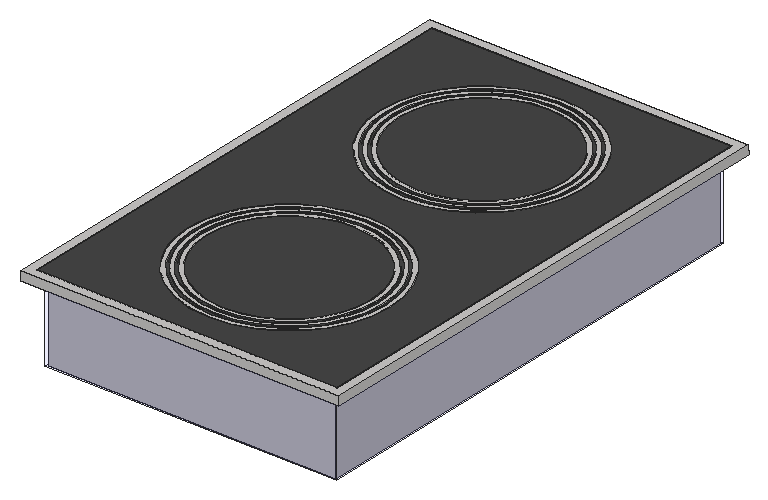
Revit family "QF_Vollrath_69524", category Specialty Equipment, Revit 2016
Family settings
  Part Type = Normal
  Round Connector Dimension = Use Diameter
  OmniClass Number = 23.40.40.14.17.14
  OmniClass Title = Hot Plates
  Work Plane-Based = No
  Always vertical = Yes
  Cut with Voids When Loaded = No
  Shared = No
  Room Calculation Point = No
Parameters (values of type "208V")
  Weight in Pounds = 43.6
  Watts = 5000 W
  Watermarked By = "http://revitwatermark.com"
  Volts = 208 V
  URL Cutsheet = ""
  URL = "www.vollrathco.com"
  Status [instance] = ""
  Specification by User [instance] = ""
  Specification by Manufacturer [instance] = ""
  Serial Number [instance] = ""
  Revision Code [instance] = ""
  Phase = 1
  Number of Poles = 1
  NAFEM Spec ID Number [instance] = ""
  Model = "69524"
  Masterspec [instance] = ""
  Manufacturer = "Vollrath"
  Item Number [instance] = "-"
  Installed By [instance] = ""
  Height AFF [instance] = 2' - 11"
  Furnished By [instance] = ""
  Foodservice Equipment Identifier [instance] = yes
  FL Amps = 24.2 A
  Electrical Remarks [instance] = ""
  Electric Connection Type [instance] = ""
  Elec Conn RI Height [instance] = 0' - 0"
  Elec Conn Connection Height [instance] = Height AFF - 0' 2 5/8"  # 2' - 8 3/8"
  Description = "Induction Range, Drop-In"
  Cycle = 60 Hz
  Conn Plug = "NEMA 6-30P"
  CSI MasterFormat = "11 44 00"
  Assembly Code = "E1090320"
  Apparent Power = Volts * FL Amps  # 5033.6 VA
Types (3): name | Watts | Volts | Apparent Power
  (no name) | 5000 W | 208 V | 5033.6 VA
  208V | 5000 W | 208 V | 5033.6 VA
  240V | 5800 W | 240 V | 5808 VA
Reference planes (in)
  plane 1 "BACK": y = 0
  plane 2: z = 0
  plane 3 "LEFT": x = -25.3466
  plane 4 "RIGHT": x = -7.9716
  plane 5 "FRONT": y = -27.875
  plane 6 "Bottom Left": x = -24.4716
  plane 7 "Bottom Right": x = -8.8466
  plane 8 "Bottom Back": y = -0.875
  plane 9 "Bottom Front": y = -27
  plane 10 "Table Top": z = 35
  plane 11 "BOTTOM": z = 30.25
  plane 12: z = 34.5
  plane 13: y = 3
  plane 14: z = 29.25
Forms (in)
  Extrusion 1, solid, material "QF_Finishes_Stainless Steel"
    sketch origin (0, 0, 30.25) x (0, 1, 0) y (-1, 0, 0)
      loop
        line (-0.875, 24.4716) -> (-27, 24.4716) -> (-27, 8.8466) -> (-0.875, 8.8466) -> (-0.875, 24.4716)
    from 0 to 4.25
  Extrusion 2, solid, material "QF_Finishes_Stainless Steel"
    sketch origin (0, 0, 35) x (0, 1, 0) y (-1, 0, 0)
      loop
        line (0, 25.3466) -> (-27.875, 25.3466) -> (-27.875, 7.9716) -> (0, 7.9716) -> (0, 25.3466)
      loop
        line (-27.375, 24.8466) -> (-27.375, 8.4716) -> (-0.5, 8.4716) -> (-0.5, 24.8466) -> (-27.375, 24.8466)
    from 0 to -0.5
  Extrusion 3, solid, material "QF_Finishes_Glazed Black"
    sketch origin (0, 0, 35) x (0, 1, 0) y (-1, 0, 0)
      loop
        line (-0.5, 24.8466) -> (-27.375, 24.8466) -> (-27.375, 8.4716) -> (-0.5, 8.4716) -> (-0.5, 24.8466)
      loop
        circle (-7.375, 16.5966) r 5.5
      loop
        circle (-7.375, 16.5966) r 5.25
      loop
        circle (-7.375, 16.5966) r 5.125
      loop
        circle (-7.375, 16.5966) r 4.875
      loop
        circle (-7.375, 16.5966) r 4.75
      loop
        circle (-7.375, 16.5966) r 4.5
      loop
        circle (-20.5, 16.5966) r 5.5
      loop
        circle (-20.5, 16.5966) r 5.25
      loop
        circle (-20.5, 16.5966) r 5.125
      loop
        circle (-20.5, 16.5966) r 4.875
      loop
        circle (-20.5, 16.5966) r 4.75
      loop
        circle (-20.5, 16.5966) r 4.5
    from 0 to -0.5
  Extrusion 4, solid, material "QF_Finishes_Stainless Steel"
    sketch origin (0, 1, 35) x (0, 1, 0) y (-1, 0, 0)
      loop
        circle (-8.375, 16.5966) r 5.5
      loop
        circle (-8.375, 16.5966) r 5.25
      loop
        circle (-8.375, 16.5966) r 5.125
      loop
        circle (-8.375, 16.5966) r 4.875
      loop
        circle (-8.375, 16.5966) r 4.75
      loop
        circle (-8.375, 16.5966) r 4.5
    from 0 to -0.5
  Extrusion 5, solid, material "QF_Finishes_Clearances", detail levels coarse
    sketch origin (0, 0, 30.25) x (0, 1, 0) y (-1, 0, 0)
      loop
        line (3, 25.3466) -> (0, 25.3466) -> (0, 7.9716) -> (3, 7.9716) -> (3, 25.3466)
    from -1 to 4.25
  Extrusion 6, solid, material "QF_Finishes_Clearances", detail levels coarse
    sketch origin (0, 0, 30.25) x (0, 1, 0) y (-1, 0, 0)
      loop
        line (0, 25.3466) -> (-27.875, 25.3466) -> (-27.875, 7.9716) -> (0, 7.9716) -> (0, 25.3466)
    from 0 to -1
  Extrusion 7, solid, material "QF_Finishes_Clearances"
    sketch origin (0, 0, 30.25) x (0, 1, 0) y (-1, 0, 0)
      loop
        line (-0.875, 8.8466) -> (-0.875, 24.4716) -> (-27, 24.4716) -> (-27, 8.8466) -> (-0.875, 8.8466)
      loop
        line (-0.75, 8.7216) -> (-0.75, 24.5966) -> (-27.125, 24.5966) -> (-27.125, 8.7216) -> (-0.75, 8.7216)
    from 0 to 4.25
  Extrusion 8, solid, material "QF_Finishes_Stainless Steel"
    sketch origin (0, -28.875, 35) x (0, -1, 0) y (1, 0, 0)
      loop
        circle (-8.375, -16.5966) r 5.5
      loop
        circle (-8.375, -16.5966) r 5.25
      loop
        circle (-8.375, -16.5966) r 5.125
      loop
        circle (-8.375, -16.5966) r 4.875
      loop
        circle (-8.375, -16.5966) r 4.75
      loop
        circle (-8.375, -16.5966) r 4.5
    from 0 to -0.5
Lines and regions (in)
  symbolic lines
    curve 1: line (-25.3466, 0, 30.25) -> (-7.9716, 0, 30.25)
    curve 2: line (-25.3466, -27.875, 30.25) -> (-25.3466, 0, 30.25)
    curve 3: line (-7.9716, -27.875, 30.25) -> (-25.3466, -27.875, 30.25)
    curve 4: line (-7.9716, 0, 30.25) -> (-7.9716, -27.875, 30.25)
    curve 5: line (-24.8466, -0.5, 30.25) -> (-24.8466, -27.375, 30.25)
    curve 6: line (-8.4716, -0.5, 30.25) -> (-24.8466, -0.5, 30.25)
    curve 7: line (-8.4716, -27.375, 30.25) -> (-8.4716, -0.5, 30.25)
    curve 8: line (-24.8466, -27.375, 30.25) -> (-8.4716, -27.375, 30.25)
    curve 9: arc (-16.5966, -12.875, 30.25) -> (-11.0966, -7.375, 30.25) -> (-16.5966, -1.875, 30.25) r 5.5
    curve 10: arc (-16.5966, -1.875, 30.25) -> (-22.0966, -7.375, 30.25) -> (-16.5966, -12.875, 30.25) r 5.5
    curve 11: arc (-16.5966, -2.25, 30.25) -> (-21.7216, -7.375, 30.25) -> (-16.5966, -12.5, 30.25) r 5.125
    curve 12: arc (-16.5966, -2.625, 30.25) -> (-21.3466, -7.375, 30.25) -> (-16.5966, -12.125, 30.25) r 4.75
    curve 13: arc (-16.5966, -12.5, 30.25) -> (-11.4716, -7.375, 30.25) -> (-16.5966, -2.25, 30.25) r 5.125
    curve 14: arc (-16.5966, -12.125, 30.25) -> (-11.8466, -7.375, 30.25) -> (-16.5966, -2.625, 30.25) r 4.75
    curve 20: arc (-16.5966, -15, 30.25) -> (-11.0966, -20.5, 30.25) -> (-16.5966, -26, 30.25) r 5.5
    curve 21: arc (-16.5966, -26, 30.25) -> (-22.0966, -20.5, 30.25) -> (-16.5966, -15, 30.25) r 5.5
    curve 22: arc (-16.5966, -25.625, 30.25) -> (-21.7216, -20.5, 30.25) -> (-16.5966, -15.375, 30.25) r 5.125
    curve 23: arc (-16.5966, -25.25, 30.25) -> (-21.3466, -20.5, 30.25) -> (-16.5966, -15.75, 30.25) r 4.75
    curve 24: arc (-16.5966, -15.375, 30.25) -> (-11.4716, -20.5, 30.25) -> (-16.5966, -25.625, 30.25) r 5.125
    curve 25: arc (-16.5966, -15.75, 30.25) -> (-11.8466, -20.5, 30.25) -> (-16.5966, -25.25, 30.25) r 4.75
  symbolic lines, style "QF_Clearances"
    curve 15: line (-25.3466, 3, 30.25) -> (-7.9716, 3, 30.25)
  model lines, style "QF_Cutout"
    curve 16: line (-24.5966, -27.125, 35) -> (-24.5966, -27.125, 41)
    curve 17: line (-8.7216, -27.125, 35) -> (-8.7216, -27.125, 41)
    curve 18: line (-24.5966, -0.75, 35) -> (-24.5966, -0.75, 41)
    curve 19: line (-8.7216, -0.75, 35) -> (-8.7216, -0.75, 41)
Dimensions and locks (in)
  locked: plane 4 "RIGHT" to plane 3 "LEFT" at 17.375
  locked: plane 5 "FRONT" to plane 1 "BACK" at 27.875
  locked: plane 3 "LEFT" to plane 6 "Bottom Left" at 0.875
  locked: plane 7 "Bottom Right" to plane 4 "RIGHT" at 0.875
  locked: plane 1 "BACK" to plane 8 "Bottom Back" at 0.875
  locked: plane 9 "Bottom Front" to plane 5 "FRONT" at 0.875
  "Height AFF": plane 10 "Table Top" to plane 2
  locked: plane 10 "Table Top" to plane 12 at 0.5
  locked: plane 10 "Table Top" to plane 11 "BOTTOM" at 4.75
  locked: Extrusion 2 sketch curve to plane 5 "FRONT" at 0.5
  locked: Extrusion 2 sketch curve to plane 1 "BACK" at 0.5
  locked: plane 3 "LEFT" to Extrusion 2 sketch curve at 0.5
  locked: Extrusion 2 sketch curve to plane 4 "RIGHT" at 0.5
  locked: Extrusion 3 sketch curve to plane 1 "BACK" at 0.5
  locked: Extrusion 3 sketch curve to plane 5 "FRONT" at 0.5
  locked: plane 3 "LEFT" to Extrusion 3 sketch curve at 0.5
  locked: Extrusion 3 sketch curve to plane 4 "RIGHT" at 0.5
  locked: plane 13 to plane 1 "BACK" at 3
  locked: plane 11 "BOTTOM" to plane 14 at 1
  locked: Extrusion 7 sketch curve to plane 6 "Bottom Left" at 0.125
  locked: plane 7 "Bottom Right" to Extrusion 7 sketch curve at 0.125
  locked: Extrusion 7 sketch curve to plane 8 "Bottom Back" at 0.125
  locked: Extrusion 7 sketch curve to plane 9 "Bottom Front" at 0.125
  aligned and locked: level to plane 2
  aligned and locked: Extrusion 1 sketch curve to plane 8 "Bottom Back"
  aligned and locked: plane 6 "Bottom Left" to Extrusion 1 sketch curve
  aligned and locked: plane 9 "Bottom Front" to Extrusion 1 sketch curve
  aligned and locked: Extrusion 1 sketch curve to plane 7 "Bottom Right"
  aligned and locked: plane 12 to Extrusion 1
  aligned and locked: plane 1 "BACK" to Extrusion 2 sketch curve
  aligned and locked: plane 3 "LEFT" to Extrusion 2 sketch curve
  aligned and locked: Extrusion 2 sketch curve to plane 5 "FRONT"
  aligned and locked: Extrusion 2 sketch curve to plane 4 "RIGHT"
  aligned and locked: Extrusion 2 to plane 12
  aligned and locked: Extrusion 3 to plane 12
  aligned and locked: Extrusion 4 to plane 12
  aligned and locked: Extrusion 5 sketch curve to plane 13
  aligned and locked: Extrusion 5 sketch curve to plane 4 "RIGHT"
  aligned and locked: Extrusion 5 sketch curve to plane 1 "BACK"
  aligned and locked: plane 3 "LEFT" to Extrusion 5 sketch curve
  aligned: plane 10 "Table Top" to Extrusion 5
  aligned and locked: plane 3 "LEFT" to Extrusion 6 sketch curve
  aligned and locked: plane 1 "BACK" to Extrusion 6 sketch curve
  aligned and locked: Extrusion 6 sketch curve to plane 4 "RIGHT"
  aligned and locked: Extrusion 6 sketch curve to plane 5 "FRONT"
  aligned and locked: Extrusion 6 to plane 14
  aligned and locked: Extrusion 5 to plane 14
  aligned and locked: plane 1 "BACK" to curve 1
  aligned and locked: curve 4 to plane 4 "RIGHT"
  aligned and locked: plane 3 "LEFT" to curve 2
  aligned and locked: curve 3 to plane 5 "FRONT"
  aligned and locked: curve 5 to Extrusion 3
  aligned and locked: curve 6 to Extrusion 3
  aligned and locked: curve 7 to Extrusion 3
  aligned and locked: curve 8 to Extrusion 3
  aligned and locked: curve 9 to Extrusion 4
  aligned and locked: curve 10 to Extrusion 4
  aligned and locked: curve 11 to Extrusion 4
  aligned and locked: curve 12 to Extrusion 4
  aligned and locked: curve 13 to Extrusion 4
  aligned and locked: curve 14 to Extrusion 4
  aligned and locked: curve 15 to plane 13
  aligned and locked: plane 12 to Extrusion 5
  aligned and locked: Extrusion 7 sketch curve to plane 9 "Bottom Front"
  aligned and locked: Extrusion 7 sketch curve to plane 6 "Bottom Left"
  aligned and locked: plane 7 "Bottom Right" to Extrusion 7 sketch curve
  aligned and locked: plane 8 "Bottom Back" to Extrusion 7 sketch curve
  aligned and locked: plane 12 to Extrusion 7
Automatic sketch dimensions
  Extrusion 4 sketch curve to Extrusion 4 sketch curve = 0' - 0"  (x30)
  Extrusion 4 sketch curve to plane 8 "Bottom Back" = 0' - 6 1/2"
  Extrusion 4 sketch curve to plane 7 "Bottom Right" = 0' - 7 3/4"
  curve 16 to Extrusion 7 = 0' - 0"
  curve 17 to Extrusion 7 = 0' - 0"
  curve 17 to Extrusion 7 = 0' - 0 1/2"
  curve 16 to Extrusion 7 = 0' - 0 1/2"
  curve 17 to curve 17 = 0' - 6"
  curve 16 to curve 16 = 0' - 6"
  Extrusion 7 to curve 19 = 0' - 0"
  Extrusion 7 to curve 18 = 0' - 0"
  curve 19 to Extrusion 7 = 0' - 0 1/2"
  curve 18 to Extrusion 7 = 0' - 0 1/2"
  curve 19 to curve 19 = 0' - 6"
  curve 18 to curve 18 = 0' - 6"
  Extrusion 8 sketch curve to Extrusion 8 sketch curve = 0' - 0"  (x30)
  Extrusion 8 sketch curve to plane 9 "Bottom Front" = 0' - 6 1/2"
  plane 7 "Bottom Right" to Extrusion 8 sketch curve = 0' - 7 3/4"
  Extrusion 3 sketch curve to Extrusion 3 sketch curve = 0' - 0"  (x60)
  plane 9 "Bottom Front" to Extrusion 3 sketch curve = 0' - 6 1/2"
  Extrusion 3 sketch curve to plane 8 "Bottom Back" = 0' - 6 1/2"
  Extrusion 3 sketch curve to plane 7 "Bottom Right" = 0' - 7 3/4"  (x2)
  curve 20 to curve 21 = 0' - 0"  (x2)
  curve 20 to curve 22 = 0' - 0"  (x2)
  curve 20 to curve 23 = 0' - 0"  (x2)
  curve 20 to curve 24 = 0' - 0"  (x2)
  curve 20 to curve 25 = 0' - 0"  (x2)
  curve 21 to curve 22 = 0' - 0"  (x2)
  curve 21 to curve 23 = 0' - 0"  (x2)
  curve 21 to curve 24 = 0' - 0"  (x2)
  curve 21 to curve 25 = 0' - 0"  (x2)
  curve 22 to curve 23 = 0' - 0"  (x2)
  curve 22 to curve 24 = 0' - 0"  (x2)
  curve 22 to curve 25 = 0' - 0"  (x2)
  curve 23 to curve 24 = 0' - 0"  (x2)
  curve 23 to curve 25 = 0' - 0"  (x2)
  curve 24 to curve 25 = 0' - 0"  (x2)
  curve 15 to plane 4 "RIGHT" = 0' - 0"
  curve 15 to plane 3 "LEFT" = 0' - 0"
  plane 9 "Bottom Front" to curve 21 = 0' - 1"
  curve 20 to curve 24 = 0' - 0 3/8"
  curve 22 to curve 25 = 0' - 0 3/8"
  curve 23 to curve 24 = 0' - 4 3/4"
  curve 24 to plane 7 "Bottom Right" = 0' - 7 3/4"
  radius of Extrusion 4 sketch curve = 0' - 5 1/2"
  radius of Extrusion 4 sketch curve = 0' - 5 1/4"
  radius of Extrusion 4 sketch curve = 0' - 5 1/8"
  radius of Extrusion 4 sketch curve = 0' - 4 7/8"
  radius of Extrusion 4 sketch curve = 0' - 4 3/4"
  radius of Extrusion 4 sketch curve = 0' - 4 1/2"
  radius of Extrusion 8 sketch curve = 0' - 5 1/2"
  radius of Extrusion 8 sketch curve = 0' - 5 1/4"
  radius of Extrusion 8 sketch curve = 0' - 5 1/8"
  radius of Extrusion 8 sketch curve = 0' - 4 7/8"
  radius of Extrusion 8 sketch curve = 0' - 4 3/4"
  radius of Extrusion 8 sketch curve = 0' - 4 1/2"
  radius of Extrusion 3 sketch curve = 0' - 5 1/2"  (x2)
  radius of Extrusion 3 sketch curve = 0' - 5 1/4"  (x2)
  radius of Extrusion 3 sketch curve = 0' - 5 1/8"  (x2)
  radius of Extrusion 3 sketch curve = 0' - 4 7/8"  (x2)
  radius of Extrusion 3 sketch curve = 0' - 4 3/4"  (x2)
  radius of Extrusion 3 sketch curve = 0' - 4 1/2"  (x2)
Connectors (in)
  electrical at (-16.6591, -0.875, 32.375), driven by "Number of Poles", driven by "Volts", driven by "Apparent Power"
    settings: on Extrusion 1, index 1, voltage 208 V, apparent load 5033.6 VA, apparent load phase1 0 VA, apparent load phase2 0 VA, apparent load phase3 0 VA, power factor 1, load classification "Other", number of poles 1, system type 30, power factor state 1, is connector primary yes, connector utility no, sub classification motor no, connector description "Electric"
